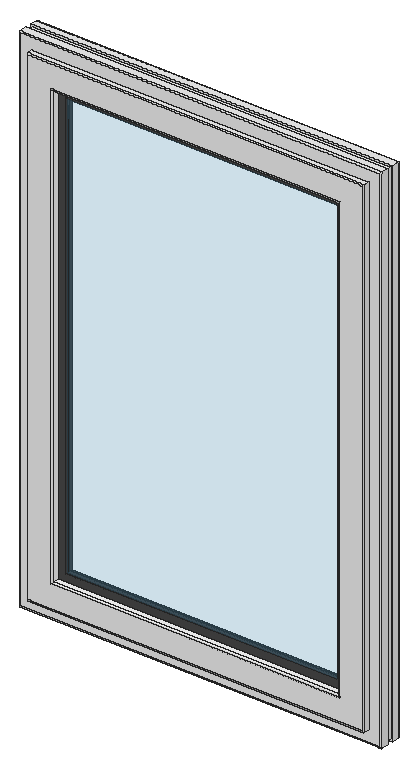
Revit family "Window_System_Solutions-NanaWall-WD-68_Tilt_Turn_Window", category Windows, host Wall, Revit 2013
Parameters (values of type "Tilt Turn Window")
  Width = 36"
  Warranty URL = "http://www.nanawall.com/support/warranty"
  URL = "http://www.nanawall.com"
  Subcategory = "Window"  # constant formula
  Sash = Metal - NanaWall - Aluminum
  Rough Width = Width - 1 25/64"  # 34 39/64"
  Rough Height = Height - 1 25/64"  # 52 39/64"
  Product Page URL = "http://www.nanawall.com/products/wd65/matching-windows"
  Product Documentation Link = "http://www.nanawall.com/cad/configuration/details?id=2&name=WD68&typ=match&cid=459&key=Tilt%20Turn%20Window"
  NanaWall Configurator = "http://www.nanawall.com/content/select-wizard"
  Model = "WD 68 Tilt Turn Window"  # constant formula
  Material = ""
  Manufacturer Toll Free Phone = "(888) 411-NANA(6262)"  # constant formula
  Manufacturer Phone = "(415) 383-3148"  # constant formula
  Manufacturer Fax = "(415) 383-0312"  # constant formula
  Manufacturer Email = "mailto:info@nanawall.com"
  Manufacturer Address = "100 Meadowcreek Drive #250, Corte Madera, CA 94925"  # constant formula
  Manufacturer = "NanaWall Systems, Inc."  # constant formula
  Installation and Service URL = "http://www.nanawall.com/support/installer"
  Height = 54"
  Glazing Options = "http://www.nanawall.com/products/sl48/glazing"
  Glass Material = Glass - NanaWall - Generic
  Filler = Rubber - NanaWall - Black
  Exterior Wall Offset = 3"
  Disclaimer = "Please note that the Revit model is for schematic purposes only.  To obtain a detailed 3D model, please go to the NanaWall's configurator at www.nanawall.com."  # constant formula
  Description = "Monumental Aluminum Framed Matching Windows and Doors"  # constant formula
  Wall Closure = By host
  Default Sill Height = 30"
  Assembly Code = ""
  95 CSI = "8411"  # constant formula
  04 CSI = "08 52 00"  # constant formula
Reference planes (in)
  plane 1 "Center (Front/Back)": y = 0
  plane 2: z = 0
  plane 3 "Center (Left/Right)": x = 0
  plane 4 "Left": x = -18
  plane 5 "Right": x = 18
  plane 6 "Sill": z = 30
  plane 7 "Top": z = 84
  plane 8: y = 1.125
  plane 9: y = 2
  plane 10: x = -16.9943182
  plane 11: x = 16.9943182
  plane 12: x = -21.1022727
  plane 13: x = 21.1022727
  plane 14: z = 87.1022727
  plane 15: z = 26.8977273
Forms (in)
  Extrusion 1, void
    sketch origin (0, 0, 0) x (1, 0, 0) y (0, 0, 1)
      loop
        line (-21.1022727, 87.1022727) -> (-21.1022727, 26.8977273) -> (21.1022727, 26.8977273) -> (21.1022727, 87.1022727) -> (-21.1022727, 87.1022727)
    from -5 to 5
  Sweep 2, solid, material "Rubber - NanaWall - Black" <- "Filler"
    path origin (18, 2, 48) x (1, 0, 0) y (0, 0, 1)
      loop
        line (-36, 36) -> (-36, -18) -> (0, -18) -> (0, 36) -> (-36, 36)
    profile origin (0, 2, 84) x (0, 0, 1) y (0, -1, 0)
      loop
        line (-0.7556818, 0.2897727) -> (-0.7556818, 1.1022727) -> (-2.1306818, 1.1022727) -> (-2.1306818, 0.9460227) -> (-1.0056818, 0.9460227) -> (-1.0056818, 0.4460227) -> (-2.1306818, 0.4460227) -> (-2.1306818, 0.2897727) -> (-0.7556818, 0.2897727)
  Extrusion 3, solid, material "Glass - NanaWall - Generic" <- "Glass Material"
    sketch origin (-18, 0, 0) x (0, -1, 0) y (0, 0, 1)
      loop
        line (-1.5539773, 82.9943182) -> (-1.5539773, 31.0056818) -> (-1.0539773, 31.0056818) -> (-1.0539773, 82.9943182) -> (-1.5539773, 82.9943182)
    from -34.9943182 to -1.0056818
  Sweep 4, solid, material "Metal - NanaWall - Aluminum" <- "Sash"
    path origin (18, 2, 48) x (1, 0, 0) y (0, 0, 1)
      loop
        line (0, 36) -> (-36, 36) -> (-36, -18) -> (0, -18) -> (0, 36)
    profile "Frame : Frame" origin (0, 2, 84) x (0, 0, -1) y (0, -1, 0)
      loop
        line (-2.9829545, -1.3125) -> (-0.3936074, -1.3125)
        arc (-0.3936074, -1.3125) -> (-0.2567312, -1.2693431) -> (-0.1693625, -1.1554821) r 0.2386364
        line (-0.1693625, -1.1554821) -> (0.0412953, -0.5767045) -> (1.0779836, -0.5767045)
        arc (1.0779836, -0.5767045) -> (1.2148598, -0.5335476) -> (1.3022284, -0.4196866) r 0.2386364
        line (1.3022284, -0.4196866) -> (1.4809922, 0.0714629) -> (1.4132506, 0.1392045) -> (1.2329545, 0.1392045) -> (1.2329545, 0) -> (1.1136364, 0) -> (1.1136364, 0.1392045) -> (0.7556818, 0.1392045) -> (0.7556818, 0.3380682) -> (0.65625, 0.3380682) -> (0.65625, 0.6960227) -> (0.7556818, 0.6960227) -> (0.7556818, 1.2727273) -> (1.1534091, 1.2727273) -> (1.1534091, 1.4318182) -> (1.4778466, 1.4318182) -> (1.334595, 1.8872041)
        arc (1.334595, 1.8872041) -> (1.2492031, 2.0060693) -> (1.1090687, 2.0482955) r 0.227439
        line (1.1090687, 2.0482955) -> (-1.5113636, 2.0482955)
        arc (-1.5113636, 2.0482955) -> (-1.5957343, 2.013348) -> (-1.6306818, 1.9289773) r 0.1193182
        line (-1.6306818, 1.9289773) -> (-1.6306818, 1.3125) -> (-2.9829545, 1.3125)
        arc (-2.9829545, 1.3125) -> (-3.0673252, 1.2775525) -> (-3.1022727, 1.1931818) r 0.1193182
        line (-3.1022727, 1.1931818) -> (-3.1022727, 0.3977273) -> (-2.8636364, 0.3977273) -> (-2.8636364, -0.3977273) -> (-3.1022727, -0.3977273) -> (-3.1022727, -1.1931818)
        arc (-3.1022727, -1.1931818) -> (-3.0673252, -1.2775525) -> (-2.9829545, -1.3125) r 0.1193182
Lines and regions (in)
  Masking region 1
    outline origin (0, 0, 0) x (1, 0, 0) y (0, 1, 0)
      loop
        line (19.6306818, -0.0482955) -> (19.6306818, 0.6875) -> (21.1022727, 0.6875) -> (21.1022727, 1.6022727) -> (20.8636364, 1.6022727) -> (20.8636364, 2.3977273) -> (21.1022727, 2.3977273) -> (21.1022727, 3.3125) -> (-21.1022727, 3.3125) -> (-21.1022727, 2.3977273) -> (-20.8636364, 2.3977273) -> (-20.8636364, 1.6022727) -> (-21.1022727, 1.6022727) -> (-21.1022727, 0.6875) -> (-19.6306818, 0.6875) -> (-19.6306818, -0.0482955) -> (19.6306818, -0.0482955)
  Masking region 2
    outline origin (0, 0, 0) x (1, 0, 0) y (0, 1, 0)
      loop
        line (-17.2443182, 1.8607955) -> (-17.2443182, 0.7272727) -> (17.2443182, 0.7272727) -> (17.2443182, 1.8607955) -> (-17.2443182, 1.8607955)
  Masking region 3, detail levels medium+fine
    outline origin (0, 0, 0) x (1, 0, 0) y (0, 1, 0)
      loop
        line (-16.9943182, 1.5539773) -> (-16.9943182, 1.0539773) -> (16.9943182, 1.0539773) -> (16.9943182, 1.5539773) -> (-16.9943182, 1.5539773)
  model lines
    curve 1: line (18, 2, 84) -> (-18.781838, 2, 84)
    curve 2: line (18, 2, 29.218162) -> (18, 2, 84)
    curve 3: line (-18.781838, 2, 29.218162) -> (18, 2, 29.218162)
    curve 4: line (-18.781838, 2, 84) -> (-18.781838, 2, 29.218162)
    curve 5: line (-18.781838, 2, 84) -> (18, 2, 84)
    curve 6: line (-18.781838, 2, 29.218162) -> (-18.781838, 2, 84)
    curve 7: line (18, 2, 29.218162) -> (-18.781838, 2, 29.218162)
    curve 8: line (18, 2, 84) -> (18, 2, 29.218162)
  symbolic lines, detail levels coarse+medium
    curve 9: line (-17.2443182, -0.0482955, 0) -> (-17.2443182, 3.3125, 0)
    curve 10: line (17.2443182, -0.0482955, 0) -> (17.2443182, 3.3125, 0)
  symbolic lines, detail levels fine
    curve 11: line (16.9219266, 2.5751646, 0) -> (-16.9220164, 2.5767045, 0)
Text (in)
  text "EXTERIOR" at (-58.6887958, 50.9069435, 0), in view "Ref. Level"
  text "INTERIOR" at (-58.6887958, -37.7663834, 0), in view "Ref. Level"
  text "Exterior" at (0, 43.6563107, 123.1960383), in view "Left"
  text "Exterior" at (0, 18.2938457, 125.0474676), in view "Right"
Dimensions and locks (in)
  equal spacing: plane 4 "Left", plane 3 "Center (Left/Right)", plane 5 "Right"
  "Width": plane 4 "Left" to plane 5 "Right"
  "Height": plane 6 "Sill" to plane 7 "Top"
  "Default Sill Height": plane 2 to plane 6 "Sill"
  locked: plane 8 to plane 9 at 0.875
  "Exterior Wall Offset": plane 9 to host wall
  locked: plane 6 "Sill" to Extrusion 3 sketch curve at 1.0056818
  Sweep 2 sketch curve to Sweep 2 sketch curve to Sweep 2 sketch curve to Sweep 2 sketch curve to plane 7 "Top" = 0" locked, 1 1/8" locked, 1/4" locked, 0.75568" locked
  Sweep 2 sketch curve to Sweep 2 sketch curve to plane 8 to Sweep 2 sketch curve to Sweep 2 sketch curve = 5/32" locked, 0.42898" locked, 0.07102" locked, 5/32" locked
  Extrusion 3 sketch curve to plane 8 to Extrusion 3 sketch curve = 0.42898" locked, 0.07102" locked
  locked: Extrusion 3 sketch curve to plane 7 "Top" at 1.0056818
  locked: plane 11 to plane 5 "Right" at 1.0056818
  locked: plane 4 "Left" to plane 10 at 1.0056818
  Masking region 1 sketch curve to Masking region 1 sketch curve to Masking region 1 sketch curve to Masking region 1 sketch curve to plane 4 "Left" = 0" locked, 0.23864" locked, 1.23295" locked, 1.63068" locked
  plane 5 "Right" to Masking region 1 sketch curve to Masking region 1 sketch curve to Masking region 1 sketch curve to Masking region 1 sketch curve = 1.63068" locked, 1.23295" locked, 0.23864" locked, 0" locked
  Masking region 1 sketch curve to Masking region 1 sketch curve to Masking region 1 sketch curve to plane 9 to Masking region 1 sketch curve to Masking region 1 sketch curve = 0.7358" locked, 0.91477" locked, 0.39773" locked, 0.39773" locked, 0.91477" locked
  Masking region 1 sketch curve to Masking region 1 sketch curve to plane 9 to Masking region 1 sketch curve = 0.91477" locked, 0.39773" locked, 0.39773" locked
  locked: plane 11 to Masking region 2 sketch curve at 0.25
  locked: Masking region 2 sketch curve to plane 10 at 0.25
  Masking region 2 sketch curve to Masking region 2 sketch curve to plane 9 = 1.13352" locked, 0.1392" locked
  Masking region 3 sketch curve to Masking region 3 sketch curve to plane 9 = 1/2" locked, 0.44602" locked
  locked: plane 12 to plane 4 "Left" at 3.1022727
  locked: plane 5 "Right" to plane 13 at 3.1022727
  locked: plane 7 "Top" to plane 14 at 3.1022727
  locked: plane 15 to plane 6 "Sill" at 3.1022727
  aligned and locked: level to plane 2
  aligned and locked: host wall to Extrusion 1  (x2)
  aligned and locked: plane 7 "Top" to Sweep 2 sketch curve
  aligned and locked: Sweep 2 sketch curve to plane 4 "Left"
  aligned and locked: plane 11 to Extrusion 3
  aligned and locked: plane 10 to Extrusion 3
  aligned and locked: curve 1 to plane 7 "Top"
  aligned and locked: curve 2 to plane 5 "Right"
  aligned and locked: Sweep 4 sketch curve to curve 1
  aligned and locked: curve 2 to Sweep 4 sketch curve
  aligned and locked: curve 5 to curve 1
  aligned and locked: curve 6 to curve 4
  aligned and locked: curve 7 to curve 3
  aligned and locked: curve 8 to curve 2
  aligned and locked: plane 4 "Left" to Sweep 4 sketch curve
  aligned and locked: plane 6 "Sill" to Sweep 4 sketch curve
  aligned and locked: plane 4 "Left" to nested 2
  aligned and locked: plane 5 "Right" to nested 1
  aligned and locked: nested 2 to plane 9
  aligned and locked: plane 9 to nested 1
  aligned and locked: plane 6 "Sill" to nested 4
  aligned and locked: nested 4 to plane 9
  aligned and locked: plane 9 to nested 3
  aligned and locked: plane 7 "Top" to nested 3
  aligned and locked: Masking region 3 sketch curve to Extrusion 3  (x2)
  aligned and locked: Masking region 1 to curve 9
  aligned and locked: Masking region 1 to curve 10
  aligned and locked: plane 5 "Right" to Sweep 2 sketch curve
  aligned and locked: Sweep 2 sketch curve to plane 6 "Sill"
  aligned and locked: plane 15 to Extrusion 1 sketch curve
  aligned and locked: Extrusion 1 sketch curve to plane 13
  aligned and locked: Extrusion 1 sketch curve to plane 14
  aligned and locked: plane 12 to Extrusion 1 sketch curve
Automatic sketch dimensions
  plane 4 "Left" to curve 5 = 0.78184"
  plane 6 "Sill" to curve 8 = 0.78184"
  plane 10 to curve 9 = 1/4"
  curve 11 to plane 10 = 0.0723"
  curve 11 to plane 11 = 0.07239"
  plane 11 to curve 10 = 1/4"
  curve 11 to plane 9 = 0.57516"
  curve 11 to plane 9 = 0.5767"
  curve 11 to curve 10 = 0.73734"
  curve 11 to curve 9 = 0.7358"
Nested families (in)
  nested 1: "WD 68 Tilt Turn Detail" at (18, 2, 0) x (0, -1, 0) z (0, 0, 1), type "WD 68 Tilt Turn Detail", detail levels fine
  nested 2: "WD 68 Tilt Turn Detail" at (-18, 2, 0) x (0, -1, 0) z (0, 0, 1), type "WD 68 Tilt Turn Detail", detail levels fine
  nested 3: "WD 68 Tilt Turn Detail" at (-18, 2, 84) x (0, -1, 0) z (-1, 0, 0), type "WD 68 Tilt Turn Detail", detail levels fine
  nested 4: "WD 68 Tilt Turn Detail" at (-18, 2, 30) x (0, -1, 0) z (-1, 0, 0), type "WD 68 Tilt Turn Detail", detail levels fine
Definition of nested family "WD 68 Tilt Turn Detail"
  Reference planes (in)
    plane 1 "Center (Front/Back)": y = 0
    plane 2: z = 0
    plane 3 "Center (Left/Right)": x = 0
  Lines and regions (in)
    detail lines, in view "Ref. Level"
      curve 1: line (-1.1931818, 3.1022727, 0) -> (-0.3977273, 3.1022727, 0)
      curve 2: line (-0.3977273, 3.1022727, 0) -> (-0.3977273, 2.8636364, 0)
      curve 3: line (-0.3977273, 2.8636364, 0) -> (0.3977273, 2.8636364, 0)
      curve 4: line (0.3977273, 2.8636364, 0) -> (0.3977273, 3.1022727, 0)
      curve 5: line (0.3977273, 3.1022727, 0) -> (1.1931818, 3.1022727, 0)
      curve 6: line (-1.3125, 2.9829545, 0) -> (-1.3125, 0.3936074, 0)
      curve 7: line (-1.1554821, 0.1693625, 0) -> (-0.7033425, 0.0047972, 0)
      curve 8: line (1.3125, 2.9829545, 0) -> (1.3125, 1.3920455, 0)
      curve 9: line (1.3125, 1.3920455, 0) -> (0.5170455, 1.3920455, 0)
      curve 10: line (0.5170455, 1.3920455, 0) -> (0.5170455, 1.0738636, 0)
      curve 11: line (0.5170455, 1.0738636, 0) -> (0.2784091, 1.0738636, 0)
      curve 12: line (0.2784091, 1.0738636, 0) -> (0.2784091, 0.5965909, 0)
      curve 13: line (-0.5965909, 0.5965909, 0) -> (0.2784091, 0.5965909, 0)
      curve 14: line (-0.5965909, 0.5965909, 0) -> (-0.5965909, 0.0795455, 0)
      curve 15: arc (-1.1554821, 0.1693625, 0) -> (-1.2693431, 0.2567312, 0) -> (-1.3125, 0.3936074, 0) r 0.2386364
      curve 16: arc (-1.3125, 2.9829545, 0) -> (-1.2775525, 3.0673252, 0) -> (-1.1931818, 3.1022727, 0) r 0.1193182
      curve 17: arc (1.1931818, 3.1022727, 0) -> (1.2775525, 3.0673252, 0) -> (1.3125, 2.9829545, 0) r 0.1193182
      curve 18: arc (-0.7033425, 0.0047972, 0) -> (-0.630511, 0.0143856, 0) -> (-0.5965909, 0.0795455, 0) r 0.0795455
      curve 19: line (1.3125, 1.6306818, 0) -> (1.9289773, 1.6306818, 0)
      curve 20: line (2.0482955, 1.5113636, 0) -> (2.0482955, -0.6761364, 0)
      curve 21: line (2.0482955, -0.8153409, 0) -> (2.0482955, -1.1090687, 0)
      curve 22: line (1.8872041, -1.334595, 0) -> (1.4318182, -1.4778466, 0)
      curve 23: line (1.4318182, -1.4778466, 0) -> (1.4318182, -1.1534091, 0)
      curve 24: line (1.4318182, -1.1534091, 0) -> (1.2727273, -1.1534091, 0)
      curve 25: line (1.2727273, -1.1534091, 0) -> (1.2727273, -0.7556818, 0)
      curve 26: line (1.9886364, -0.7556818, 0) -> (0.6960227, -0.7556818, 0)
      curve 27: line (0.6960227, -0.7556818, 0) -> (0.6960227, -0.65625, 0)
      curve 28: line (0.6960227, -0.65625, 0) -> (0.3380682, -0.65625, 0)
      curve 29: line (0.3380682, -0.65625, 0) -> (0.3380682, -0.7556818, 0)
      curve 30: line (0.3380682, -0.7556818, 0) -> (0.1392045, -0.7556818, 0)
      curve 31: line (0.1392045, -0.7556818, 0) -> (0.1392045, -1.1136364, 0)
      curve 32: line (0.1392045, -1.1136364, 0) -> (0, -1.1136364, 0)
      curve 33: line (0, -1.1136364, 0) -> (0, -1.2329545, 0)
      curve 34: line (0, -1.2329545, 0) -> (0.1392045, -1.2329545, 0)
      curve 35: line (0.1392045, -1.2329545, 0) -> (0.1392045, -1.4132506, 0)
      curve 36: line (0.1392045, -1.4132506, 0) -> (0.0714629, -1.4809922, 0)
      curve 37: line (0.0714629, -1.4809922, 0) -> (-0.4196866, -1.3022284, 0)
      curve 38: line (-0.5767045, -1.0779836, 0) -> (-0.5767045, 0.4375, 0)
      curve 39: line (-0.5767045, 0.4375, 0) -> (-0.2095542, 0.4375, 0)
      curve 40: line (0.0187337, 0.1988636, 0) -> (0.1392045, 0.3193345, 0)
      curve 41: line (0.1392045, 0.3193345, 0) -> (0.1600403, 0.4375, 0)
      curve 42: line (0.1600403, 0.4375, 0) -> (0.2664773, 0.4375, 0)
      curve 43: line (0.2664773, 0.4375, 0) -> (0.2664773, 0.0994318, 0)
      curve 44: line (0.2664773, 0.0994318, 0) -> (0.4653409, 0.0994318, 0)
      curve 45: line (0.4653409, 0.0994318, 0) -> (0.4653409, 0.9147727, 0)
      curve 46: line (0.6244318, 0.9147727, 0) -> (0.4653409, 0.9147727, 0)
      curve 47: line (0.6244318, 0.9147727, 0) -> (0.6244318, 0.8153409, 0)
      curve 48: line (0.6244318, 0.8153409, 0) -> (0.7039773, 0.8153409, 0)
      curve 49: line (0.7039773, 0.8153409, 0) -> (0.7039773, 0.4454545, 0)
      curve 50: line (0.7039773, 0.4454545, 0) -> (1.1931818, 0.4454545, 0)
      curve 51: line (1.1931818, 0.4454545, 0) -> (1.1931818, 0.8153409, 0)
      curve 52: line (1.1931818, 0.8153409, 0) -> (1.2727273, 0.8153409, 0)
      curve 53: line (1.2727273, 0.8153409, 0) -> (1.2727273, 0.9147727, 0)
      curve 54: line (1.2727273, 0.9147727, 0) -> (1.3125, 0.9147727, 0)
      curve 55: line (1.3125, 0.9147727, 0) -> (1.3125, 1.3920455, 0)
      curve 56: arc (1.9289773, 1.6306818, 0) -> (2.013348, 1.5957343, 0) -> (2.0482955, 1.5113636, 0) r 0.1193182
      curve 57: arc (1.9886364, -0.7556818, 0) -> (2.0317235, -0.7258523, 0) -> (2.0482955, -0.6761364, 0) r 0.0828598
      curve 58: arc (1.9886364, -0.7556818, 0) -> (2.0308217, -0.7731556, 0) -> (2.0482955, -0.8153409, 0) r 0.0596591
      curve 59: arc (2.0482955, -1.1090687, 0) -> (2.0060693, -1.2492031, 0) -> (1.8872041, -1.334595, 0) r 0.227439
      curve 60: arc (-0.5767045, -1.0779836, 0) -> (-0.5335476, -1.2148598, 0) -> (-0.4196866, -1.3022284, 0) r 0.2386364
      curve 61: arc (-0.2095542, 0.4375, 0) -> (-0.1512838, 0.2647312, 0) -> (0.0187337, 0.1988636, 0) r 0.2149721
      curve 62: line (-0.4375, 3.1022727, 0) -> (-0.4375, 0.5965909, 0)
      curve 63: line (0.4375, 3.1022727, 0) -> (0.4375, 1.0738636, 0)
      curve 64: line (1.1732955, -0.7556818, 0) -> (1.1732955, 0.4454545, 0)
      curve 65: line (0.2982955, -0.7556818, 0) -> (0.2982955, 0.0994318, 0)
      curve 66: line (-1.3125, 2.8290042, 0) -> (-1.0392315, 3.1022727, 0)
      curve 67: line (-1.3125, 2.4774596, 0) -> (-0.6876869, 3.1022727, 0)
      curve 68: line (-1.3125, 2.125915, 0) -> (-0.4375, 3.000915, 0)
      curve 69: line (-1.3125, 1.7743705, 0) -> (-0.4375, 2.6493705, 0)
      curve 70: line (-1.3125, 1.4228259, 0) -> (-0.4375, 2.2978259, 0)
      curve 71: line (-1.3125, 1.0712814, 0) -> (-0.4375, 1.9462814, 0)
      curve 72: line (-1.3125, 0.7197368, 0) -> (-0.4375, 1.5947368, 0)
      curve 73: line (-1.3112712, 0.3694211, 0) -> (-0.4375, 1.2431922, 0)
      curve 74: line (-1.1586186, 0.1705291, 0) -> (-0.4375, 0.8916477, 0)
      curve 75: line (-0.9009006, 0.0767025, 0) -> (-0.5965909, 0.3810122, 0)
      curve 76: line (0.4375, 2.8212814, 0) -> (0.7184914, 3.1022727, 0)
      curve 77: line (0.4375, 2.4697368, 0) -> (1.0700359, 3.1022727, 0)
      curve 78: line (0.4375, 2.1181922, 0) -> (1.3120942, 2.9927865, 0)
      curve 79: line (0.4375, 1.7666477, 0) -> (1.3125, 2.6416477, 0)
      curve 80: line (0.4375, 1.4151031, 0) -> (1.3125, 2.2901031, 0)
      curve 81: line (0.7659869, 1.3920455, 0) -> (1.3125, 1.9385585, 0)
      curve 82: line (1.1175315, 1.3920455, 0) -> (1.3125, 1.587014, 0)
      curve 83: line (-0.5767045, 0.1596365, 0) -> (-0.298841, 0.4375, 0)
      curve 84: line (-0.5767045, -0.1919081, 0) -> (-0.1352182, 0.2495783, 0)
      curve 85: line (-0.5767045, -0.5434526, 0) -> (0.2664773, 0.2997292, 0)
      curve 86: line (-0.5767045, -0.8949972, 0) -> (0.2982955, -0.0199972, 0)
      curve 87: line (-0.5381706, -1.2080079, 0) -> (0.2982955, -0.3715418, 0)
      curve 88: line (-0.3178955, -1.3392773, 0) -> (0.1392045, -0.8821772, 0)
      curve 89: line (-0.0601593, -1.4330856, 0) -> (0.1399718, -1.2329545, 0)
      curve 90: line (1.3125, 0.9942074, 0) -> (1.9475242, 1.6292315, 0)
      curve 91: line (1.1931818, 0.5233446, 0) -> (2.0482955, 1.3784582, 0)
      curve 92: line (1.1732955, 0.1519137, 0) -> (2.0482955, 1.0269137, 0)
      curve 93: line (1.1732955, -0.1996309, 0) -> (2.0482955, 0.6753691, 0)
      curve 94: line (1.1732955, -0.5511754, 0) -> (2.0482955, 0.3238246, 0)
      curve 95: line (1.3203336, -0.7556818, 0) -> (2.0482955, -0.02772, 0)
      curve 96: line (1.6718782, -0.7556818, 0) -> (2.0482955, -0.3792646, 0)
      curve 97: line (1.3125, 1.3457519, 0) -> (1.5974299, 1.6306818, 0)
      curve 98: line (-0.4375, 2.6580059, 0) -> (0.4375, 1.7830059, 0)
      curve 99: line (-0.4375, 2.3064614, 0) -> (0.4375, 1.4314614, 0)
      curve 100: line (-0.4375, 1.9549168, 0) -> (0.4375, 1.0799168, 0)
      curve 101: line (0.0599587, 2.8636364, 0) -> (0.4375, 2.4860951, 0)
      curve 102: line (-0.2915859, 2.8636364, 0) -> (0.4375, 2.1345505, 0)
      curve 103: line (-0.4375, 1.6033722, 0) -> (0.2784091, 0.8874631, 0)
      curve 104: line (-0.4375, 1.2518277, 0) -> (0.2177368, 0.5965909, 0)
      curve 105: line (-0.4375, 0.9002831, 0) -> (-0.1338078, 0.5965909, 0)
      curve 106: line (1.7646433, -0.7556818, 0) -> (2.0482955, -1.039334, 0)
      curve 107: line (1.4130988, -0.7556818, 0) -> (1.956838, -1.2994211, 0)
      curve 108: line (1.2727273, -0.9668549, 0) -> (1.6995105, -1.3936381, 0)
      curve 109: line (0.8307002, 0.4454545, 0) -> (1.1732955, 0.1028593, 0)
      curve 110: line (0.4653409, 0.4592693, 0) -> (1.1732955, -0.2486853, 0)
      curve 111: line (0.4736338, 0.0994318, 0) -> (1.1732955, -0.6002298, 0)
      curve 112: line (0.2982955, -0.0767744, 0) -> (0.9772029, -0.7556818, 0)
      curve 113: line (0.2982955, -0.428319, 0) -> (0.5262265, -0.65625, 0)
